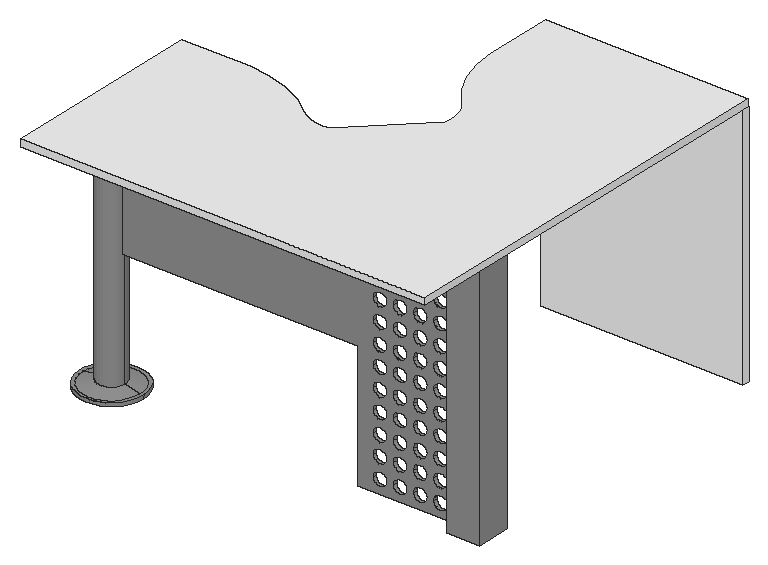
Revit family
Reference planes
  plane 1 "Center (Front/Back)": y = 0
  plane 2: z = 0
  plane 3 "Center (Left/Right)": x = 0
Forms (mm)
  Extrusion 1, solid, material "0 madeira 6"
    sketch origin (-5847.376, -3800.831, 0) x (1, 0, 0) y (0, 1, 0)
      loop
        line (5729.368, 4555.817) -> (5729.368, 4355.817)
        arc (5729.368, 4355.817) -> (5753.5, 4232.91) -> (5822.313, 4128.253) r 325.05
        arc (5822.313, 4128.253) -> (5846.888, 4085.485) -> (5847.558, 4036.164) r 98.157
        line (5847.558, 4036.164) -> (5656.329, 3844.936)
        arc (5656.329, 3844.936) -> (5606.274, 3844.686) -> (5561.89, 3867.83) r 104.087
        arc (5561.89, 3867.83) -> (5453.674, 3933.085) -> (5329.368, 3955.817) r 351.237
        line (5329.368, 3955.817) -> (5129.368, 3955.817) -> (5129.368, 3355.817) -> (6329.368, 3355.817) -> (6329.368, 4555.817) -> (5729.368, 4555.817)
    from 730 to 750
  Extrusion 2, solid, material "0 placa metal 2"
    sketch origin (-5813.6, -3803.331, 0) x (1, 0, 0) y (0, 1, 0)
      loop
        circle (5157.891, 3618.605) r 40
    from 20 to 730
  Extrusion 3, solid, material "0 placa metal 2"
    sketch origin (-5813.6, -3800.831, 0) x (1, 0, 0) y (0, 1, 0)
      loop
        circle (5158.126, 3616.288) r 95
    from 0 to 10
  Blend 4, solid, material "0 placa metal 2"
    base sketch origin (-5813.6, -3800.831, 0) x (1, 0, 0) y (0, 1, 0)
      loop
        circle (5157.312, 3615.475) r 85
    top sketch origin (-5813.6, -3800.831, 0) x (1, 0, 0) y (0, 1, 0)
      loop
        circle (5157.312, 3615.475) r 40
    from 10 to 20
  Extrusion 5, solid, material "0 placa metal 2"
    sketch origin (-718.009, -195.014, 0) x (1, 0, 0) y (0, 0, -1)
      loop
        line (1100, -730) -> (1100, 0) -> (800, 0) -> (800, -370) -> (102.26, -370) -> (102.26, -730) -> (1100, -730)
    from 0 to 10
  Extrusion 6, solid, material "0 placa metal 2"
    sketch origin (-718.009, -240.014, 0) x (1, 0, 0) y (0, 0, -1)
      loop
        line (1100, 0) -> (1100, -730) -> (1200, -730) -> (1200, 0) -> (1100, 0)
    from 0 to 100
  Extrusion 7, solid, material "0 madeira 6"
    sketch origin (-5847.376, -3800.831, 0) x (1, 0, 0) y (0, 1, 0)
      loop
        line (5729.368, 4555.817) -> (5729.368, 4535.817) -> (6329.368, 4535.817) -> (6329.368, 4555.817) -> (5729.368, 4555.817)
    from 0 to 730
  Extrusion 8, void
    sketch origin (-718.009, -185.014, 0) x (-1, 0, 0) y (0, 0, -1)
      loop
        circle (-1047.815, -697.942) r 20
      loop
        circle (-987.815, -697.942) r 20
      loop
        circle (-927.815, -697.942) r 20
      loop
        circle (-867.815, -697.942) r 20
      loop
        circle (-1047.815, -637.942) r 20
      loop
        circle (-987.815, -637.942) r 20
      loop
        circle (-927.815, -637.942) r 20
      loop
        circle (-867.815, -637.942) r 20
      loop
        circle (-1047.815, -577.942) r 20
      loop
        circle (-987.815, -577.942) r 20
      loop
        circle (-927.815, -577.942) r 20
      loop
        circle (-867.815, -577.942) r 20
      loop
        circle (-1047.815, -517.942) r 20
      loop
        circle (-987.815, -517.942) r 20
      loop
        circle (-927.815, -517.942) r 20
      loop
        circle (-867.815, -517.942) r 20
      loop
        circle (-1047.815, -457.942) r 20
      loop
        circle (-987.815, -457.942) r 20
      loop
        circle (-927.815, -457.942) r 20
      loop
        circle (-867.815, -457.942) r 20
      loop
        circle (-1047.815, -397.942) r 20
      loop
        circle (-987.815, -397.942) r 20
      loop
        circle (-927.815, -397.942) r 20
      loop
        circle (-867.815, -397.942) r 20
      loop
        circle (-1047.815, -337.942) r 20
      loop
        circle (-987.815, -337.942) r 20
      loop
        circle (-927.815, -337.942) r 20
      loop
        circle (-867.815, -337.942) r 20
      loop
        circle (-1047.815, -277.942) r 20
      loop
        circle (-987.815, -277.942) r 20
      loop
        circle (-927.815, -277.942) r 20
      loop
        circle (-867.815, -277.942) r 20
      loop
        circle (-1047.815, -217.942) r 20
      loop
        circle (-987.815, -217.942) r 20
      loop
        circle (-927.815, -217.942) r 20
      loop
        circle (-867.815, -217.942) r 20
      loop
        circle (-1047.815, -157.942) r 20
      loop
        circle (-987.815, -157.942) r 20
      loop
        circle (-927.815, -157.942) r 20
      loop
        circle (-867.815, -157.942) r 20
      loop
        circle (-1047.815, -100) r 20
      loop
        circle (-987.815, -100) r 20
      loop
        circle (-927.815, -100) r 20
      loop
        circle (-867.815, -100) r 20
      loop
        circle (-1047.815, -40) r 20
      loop
        circle (-987.815, -40) r 20
      loop
        circle (-927.815, -40) r 20
      loop
        circle (-867.815, -40) r 20
    from 0 to 100
Cuts and joins
  Extrusion 8 cuts Extrusion 5
